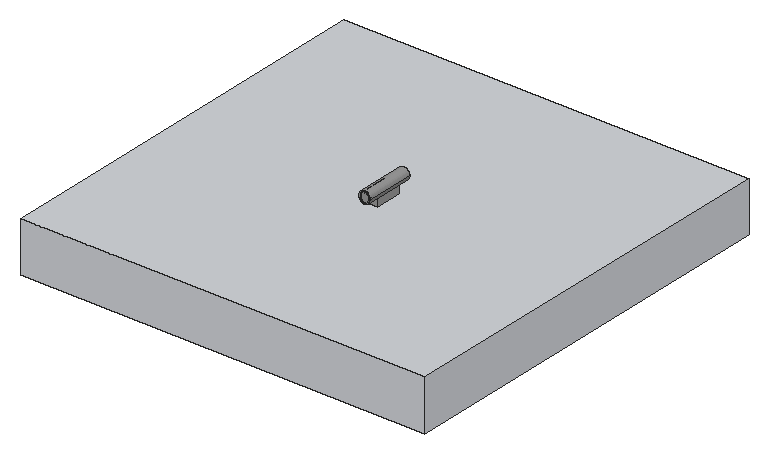
Revit family "LAMP_LUP WALL 70 DIRECT", category Luminarias, Revit 2018 (continued)
Types (2, lengths in mm): name | built-in parameter 1150107 | Product datasheet | Product code | built-in parameter 1150142 | built-in parameter 1150105 | built-in parameter 1150106 | Lumens | built-in parameter 1150104 | Efficacy | Archivo de red fotométrica
    99 1.76 1.46 1.07 0.64 0.34 0.17 0.00 0.00 0.00 \r\n0.00 0.00 0.00 0.00 0.00 0.00 0.00 0.00 0.00 0.00 0.00 \r\n0.00 0.00 0.00 0.00 0.00 0.00 0.00 0.00 0.00 0.00 0.00 \r\n0.00 0.00 0.00 0.00 0.00 0.00 0.00 0.00 0.00 0.00 0.00 \r\n0.00 0.00 0.00 0.00 0.00 0.00 0.00 0.00 0.00 0.00 \r\n482.70 424.25 372.99 324.11 276.17 232.69 194.34 160.91 \r\n131.53 107.13 87.61 71.31 58.91 52.56 47.75 43.74 40.63 \r\n37.80 35.18 32.13 28.84 25.31 21.30 17.78 14.81 12.46 \r\n10.57 9.14 8.18 7.21 6.20 5.30 4.55 3.95 3.40 2.91 2.50 \r\n2.21 1.97 1.75 1.44 1.06 0.64 0.34 0.18 0.00 0.00 0.00 \r\n0.00 0.00 0.00 0.00 0.00 0.00 0.00 0.00 0.00 0.00 0.00 \r\n0.00 0.00 0.00 0.00 0.00 0.00 0.00 0.00 0.00 0.00 0.00 \r\n0.00 0.00 0.00 0.00 0.00 0.00 0.00 0.00 0.00 0.00 0.00 \r\n0.00 0.00 0.00 0.00 0.00 0.00 0.00 0.00 0.00 0.00 \r\n482.70 427.34 378.43 331.38 285.26 243.27 205.98 173.36 \r\n144.13 118.69 97.23 79.13 64.50 56.57 50.59 45.77 42.27 \r\n39.35 36.42 32.93 29.55 25.81 21.68 18.02 14.97 12.60 \r\n10.71 9.30 8.33 7.34 6.29 5.37 4.61 4.00 3.44 2.94 2.50 \r\n2.19 1.95 1.73 1.43 1.05 0.64 0.34 0.18 0.00 0.00 0.00 \r\n0.00 0.00 0.00 0.00 0.00 0.00 0.00 0.00 0.00 0.00 0.00 \r\n0.00 0.00 0.00 0.00 0.00 0.00 0.00 0.00 0.00 0.00 0.00 \r\n0.00 0.00 0.00 0.00 0.00 0.00 0.00 0.00 0.00 0.00 0.00 \r\n0.00 0.00 0.00 0.00 0.00 0.00 0.00 0.00 0.00 0.00 \r\n482.70 430.46 383.98 338.93 295.14 255.10 219.07 187.17 \r\n158.48 132.86 110.86 92.12 76.92 68.30 61.05 54.97 49.37 \r\n44.22 39.58 35.07 30.79 26.75 22.33 18.49 15.28 12.83 \r\n10.88 9.43 8.45 7.46 6.41 5.46 4.68 4.06 3.49 2.98 2.52 \r\n2.20 1.94 1.71 1.41 1.05 0.64 0.34 0.18 0.00 0.00 0.00 \r\n0.00 0.00 0.00 0.00 0.00 0.00 0.00 0.00 0.00 0.00 0.00 \r\n0.00 0.00 0.00 0.00 0.00 0.00 0.00 0.00 0.00 0.00 0.00 \r\n0.00 0.00 0.00 0.00 0.00 0.00 0.00 0.00 0.00 0.00 0.00 \r\n0.00 0.00 0.00 0.00 0.00 0.00 0.00 0.00 0.00 0.00 \r\n482.70 433.62 389.61 347.00 305.27 267.10 232.69 201.68 \r\n174.03 149.68 128.39 109.68 94.04 82.94 73.66 65.53 57.37 \r\n49.95 43.24 37.28 32.14 27.72 23.05 18.98 15.60 13.06 \r\n11.06 9.54 8.56 7.57 6.53 5.56 4.76 4.11 3.54 3.01 2.56 \r\n2.22 1.94 1.69 1.39 1.03 0.63 0.34 0.17 0.00 0.00 0.00 \r\n0.00 0.00 0.00 0.00 0.00 0.00 0.00 0.00 0.00 0.00 0.00 \r\n0.00 0.00 0.00 0.00 0.00 0.00 0.00 0.00 0.00 0.00 0.00 \r\n0.00 0.00 0.00 0.00 0.00 0.00 0.00 0.00 0.00 0.00 0.00 \r\n0.00 0.00 0.00 0.00 0.00 0.00 0.00 0.00 0.00 0.00 \r\n482.70 436.84 395.58 355.16 315.61 279.27 246.68 217.01 \r\n190.31 166.84 145.85 127.21 110.72 97.79 86.42 76.28 \r\n65.56 55.65 46.86 39.52 33.49 28.69 23.76 19.49 15.91 \r\n13.30 11.24 9.70 8.68 7.68 6.65 5.66 4.83 4.16 3.58 3.05 \r\n2.58 2.23 1.93 1.67 1.38 1.02 0.63 0.34 0.17 0.00 0.00 \r\n0.00 0.00 0.00 0.00 0.00 0.00 0.00 0.00 0.00 0.00 0.00 \r\n0.00 0.00 0.00 0.00 0.00 0.00 0.00 0.00 0.00 0.00 0.00 \r\n0.00 0.00 0.00 0.00 0.00 0.00 0.00 0.00 0.00 0.00 0.00 \r\n0.00 0.00 0.00 0.00 0.00 0.00 0.00 0.00 0.00 0.00 0.00 \r\n482.70 440.11 401.72 363.41 326.11 291.57 260.75 232.26 \r\n206.59 184.01 163.37 144.46 127.28 112.56 99.13 86.85 \r\n73.57 61.38 50.47 41.73 34.84 29.66 24.47 19.98 16.21 \r\n13.54 11.41 9.84 8.80 7.79 6.77 5.76 4.91 4.23 3.63 3.09 \r\n2.60 2.24 1.93 1.65 1.36 1.01 0.62 0.34 0.18 0.00 0.00 \r\n0.00 0.00 0.00 0.00 0.00 0.00 0.00 0.00 0.00 0.00 0.00 \r\n0.00 0.00 0.00 0.00 0.00 0.00 0.00 0.00 0.00 0.00 0.00 \r\n0.00 0.00 0.00 0.00 0.00 0.00 0.00 0.00 0.00 0.00 0.00 \r\n0.00 0.00 0.00 0.00 0.00 0.00 0.00 0.00 0.00 0.00 0.00 \r\n482.70 443.42 407.92 371.74 336.63 303.91 274.81 247.41 \r\n222.95 201.06 180.88 161.93 144.05 127.14 111.73 97.44 \r\n81.69 67.09 54.16 43.96 36.19 30.62 25.18 20.47 16.58 \r\n13.78 11.60 9.96 8.92 7.90 6.88 5.86 4.99 4.28 3.67 3.13 \r\n2.64 2.26 1.93 1.63 1.34 0.99 0.61 0.34 0.18 0.00 0.00 \r\n0.00 0.00 0.00 0.00 0.00 0.00 0.00 0.00 0.00 0.00 0.00 \r\n0.00 0.00 0.00 0.00 0.00 0.00 0.00 0.00 0.00 0.00 0.00 \r\n0.00 0.00 0.00 0.00 0.00 0.00 0.00 0.00 0.00 0.00 0.00 \r\n0.00 0.00 0.00 0.00 0.00 0.00 0.00 0.00 0.00 0.00 0.00 \r\n482.70 446.78 414.19 380.15 347.24 316.32 288.94 262.61 \r\n239.17 218.23 198.42 179.33 160.85 141.85 124.40 108.23 \r\n89.77 72.82 57.62 46.20 37.55 31.60 25.90 20.97 16.86 \r\n14.02 11.77 10.11 9.04 8.01 7.00 5.96 5.07 4.33 3.72 3.17 \r\n2.67 2.27 1.92 1.61 1.32 0.99 0.61 0.34 0.18 0.00 0.00 \r\n0.00 0.00 0.00 0.00 0.00 0.00 0.00 0.00 0.00 0.00 0.00 \r\n0.00 0.00 0.00 0.00 0.00 0.00 0.00 0.00 0.00 0.00 0.00 \r\n0.00 0.00 0.00 0.00 0.00 0.00 0.00 0.00 0.00 0.00 0.00 \r\n0.00 0.00 0.00 0.00 0.00 0.00 0.00 0.00 0.00 0.00 0.00 \r\n482.70 450.22 420.51 388.79 358.01 328.96 303.20 277.98 \r\n255.73 235.36 216.40 196.78 178.29 156.70 137.83 118.97 \r\n97.84 79.12 61.56 48.42 38.90 32.59 26.59 21.47 17.22 \r\n14.26 11.95 10.25 9.16 8.13 7.11 6.06 5.14 4.39 3.77 3.21 \r\n2.71 2.29 1.91 1.59 1.30 0.97 0.61 0.34 0.18 0.00 0.00 \r\n0.00 0.00 0.00 0.00 0.00 0.00 0.00 0.00 0.00 0.00 0.00 \r\n0.00 0.00 0.00 0.00 0.00 0.00 0.00 0.00 0.00 0.00 0.00 \r\n0.00 0.00 0.00 0.00 0.00 0.00 0.00 0.00 0.00 0.00 0.00 \r\n0.00 0.00 0.00 0.00 0.00 0.00 0.00 0.00 0.00 0.00 0.00 \r\n482.70 453.81 426.89 397.88 368.93 342.18 317.58 294.18 \r\n272.50 253.92 234.91 216.80 197.37 176.72 155.79 136.93 \r\n114.36 92.62 73.05 56.55 44.23 35.41 28.19 22.32 17.79 \r\n14.75 12.33 10.47 9.36 8.29 7.25 6.18 5.24 4.47 3.83 3.26 \r\n2.74 2.31 1.92 1.59 1.29 0.96 0.60 0.33 0.18 0.00 0.00 \r\n0.00 0.00 0.00 0.00 0.00 0.00 0.00 0.00 0.00 0.00 0.00 \r\n0.00 0.00 0.00 0.00 0.00 0.00 0.00 0.00 0.00 0.00 0.00 \r\n0.00 0.00 0.00 0.00 0.00 0.00 0.00 0.00 0.00 0.00 0.00 \r\n0.00 0.00 0.00 0.00 0.00 0.00 0.00 0.00 0.00 0.00 0.00 \r\n482.70 457.43 433.31 407.08 380.07 355.48 332.54 310.54 \r\n290.50 272.73 255.27 237.76 219.93 199.97 180.62 161.76 \r\n138.37 114.93 91.75 70.79 53.48 40.19 30.64 23.56 18.80 \r\n15.51 12.91 10.91 9.64 8.50 7.43 6.33 5.38 4.58 3.92 3.32 \r\n2.77 2.34 1.94 1.58 1.28 0.95 0.60 0.33 0.18 0.00 0.00 \r\n0.00 0.00 0.00 0.00 0.00 0.00 0.00 0.00 0.00 0.00 0.00 \r\n0.00 0.00 0.00 0.00 0.00 0.00 0.00 0.00 0.00 0.00 0.00 \r\n0.00 0.00 0.00 0.00 0.00 0.00 0.00 0.00 0.00 0.00 0.00 \r\n0.00 0.00 0.00 0.00 0.00 0.00 0.00 0.00 0.00 0.00 0.00 \r\n482.70 461.08 439.79 416.38 391.66 368.89 347.70 327.10 \r\n308.56 291.93 275.63 259.30 242.56 223.93 205.46 187.26 \r\n162.72 137.25 110.98 84.95 62.75 44.71 33.08 24.79 19.68 \r\n16.27 13.49 11.30 9.92 8.71 7.58 6.47 5.50 4.69 4.01 3.38 \r\n2.81 2.37 1.96 1.58 1.27 0.94 0.59 0.33 0.17 0.00 0.00 \r\n0.00 0.00 0.00 0.00 0.00 0.00 0.00 0.00 0.00 0.00 0.00 \r\n0.00 0.00 0.00 0.00 0.00 0.00 0.00 0.00 0.00 0.00 0.00 \r\n0.00 0.00 0.00 0.00 0.00 0.00 0.00 0.00 0.00 0.00 0.00 \r\n0.00 0.00 0.00 0.00 0.00 0.00 0.00 0.00 0.00 0.00 0.00 \r\n482.70 464.74 446.31 425.79 403.34 382.39 362.92 343.80 \r\n326.54 311.15 296.03 280.81 265.25 247.90 230.29 212.45 \r\n187.07 159.54 130.07 99.10 72.01 49.19 35.55 26.03 20.54 \r\n17.03 14.07 11.66 10.21 8.92 7.75 6.62 5.64 4.79 4.09 \r\n3.43 2.85 2.40 1.97 1.59 1.26 0.92 0.58 0.32 0.17 0.00 \r\n0.00 0.00 0.00 0.00 0.00 0.00 0.00 0.00 0.00 0.00 0.00 \r\n0.00 0.00 0.00 0.00 0.00 0.00 0.00 0.00 0.00 0.00 0.00 \r\n0.00 0.00 0.00 0.00 0.00 0.00 0.00 0.00 0.00 0.00 0.00 \r\n0.00 0.00 0.00 0.00 0.00 0.00 0.00 0.00 0.00 0.00 0.00 \r\n0.00 \r\n482.70 468.43 453.00 435.27 415.13 395.97 377.98 360.46 \r\n344.62 330.37 316.37 302.33 287.97 271.87 255.10 237.34 \r\n211.40 181.83 149.15 113.29 81.30 54.29 38.00 27.28 21.55 \r\n17.79 14.64 12.00 10.49 9.13 7.91 6.77 5.77 4.91 4.17 \r\n3.50 2.89 2.43 1.99 1.59 1.25 0.91 0.57 0.32 0.17 0.00 \r\n0.00 0.00 0.00 0.00 0.00 0.00 0.00 0.00 0.00 0.00 0.00 \r\n0.00 0.00 0.00 0.00 0.00 0.00 0.00 0.00 0.00 0.00 0.00 \r\n0.00 0.00 0.00 0.00 0.00 0.00 0.00 0.00 0.00 0.00 0.00 \r\n0.00 0.00 0.00 0.00 0.00 0.00 0.00 0.00 0.00 0.00 0.00 \r\n0.00 \r\n482.70 472.14 459.73 444.78 427.01 409.65 393.16 377.10 \r\n362.57 349.56 336.76 323.90 310.71 295.81 279.91 262.32 \r\n235.72 204.17 168.30 127.48 90.59 59.23 40.45 28.51 22.52 \r\n18.55 15.22 12.41 10.78 9.35 8.08 6.91 5.90 5.03 4.25 \r\n3.55 2.94 2.46 2.01 1.59 1.25 0.90 0.57 0.31 0.17 0.00 \r\n0.00 0.00 0.00 0.00 0.00 0.00 0.00 0.00 0.00 0.00 0.00 \r\n0.00 0.00 0.00 0.00 0.00 0.00 0.00 0.00 0.00 0.00 0.00 \r\n0.00 0.00 0.00 0.00 0.00 0.00 0.00 0.00 0.00 0.00 0.00 \r\n0.00 0.00 0.00 0.00 0.00 0.00 0.00 0.00 0.00 0.00 0.00 \r\n0.00 \r\n482.70 475.86 466.49 454.32 438.89 423.37 408.34 393.79 \r\n380.67 368.84 357.15 345.41 333.40 319.75 304.73 287.38 \r\n260.04 226.48 187.45 141.66 99.89 64.06 42.90 29.74 23.46 \r\n19.30 15.80 12.82 11.06 9.55 8.25 7.06 6.03 5.14 4.33 \r\n3.61 2.98 2.49 2.03 1.59 1.24 0.89 0.56 0.31 0.17 0.00 \r\n0.00 0.00 0.00 0.00 0.00 0.00 0.00 0.00 0.00 0.00 0.00 \r\n0.00 0.00 0.00 0.00 0.00 0.00 0.00 0.00 0.00 0.00 0.00 \r\n0.00 0.00 0.00 0.00 0.00 0.00 0.00 0.00 0.00 0.00 0.00 \r\n0.00 0.00 0.00 0.00 0.00 0.00 0.00 0.00 0.00 0.00 0.00 \r\n0.00 \r\n482.70 479.59 473.27 463.92 450.86 437.16 423.39 410.08 \r\n397.93 386.84 375.98 365.03 353.80 341.11 326.81 309.80 \r\n282.52 247.82 206.34 156.25 109.92 69.60 45.80 31.21 \r\n24.49 20.17 16.50 13.31 11.41 9.81 8.44 7.22 6.16 5.26 \r\n4.43 3.68 3.03 2.53 2.05 1.59 1.23 0.88 0.55 0.31 0.16 \r\n0.00 0.00 0.00 0.00 0.00 0.00 0.00 0.00 0.00 0.00 0.00 \r\n0.00 0.00 0.00 0.00 0.00 0.00 0.00 0.00 0.00 0.00 0.00 \r\n0.00 0.00 0.00 0.00 0.00 0.00 0.00 0.00 0.00 0.00 0.00 \r\n0.00 0.00 0.00 0.00 0.00 0.00 0.00 0.00 0.00 0.00 0.00 \r\n0.00 0.00 \r\n482.70 483.33 480.10 473.58 462.93 451.07 438.61 426.57 \r\n415.39 404.56 393.86 382.84 371.32 358.27 343.57 326.31 \r\n299.51 264.87 222.88 170.91 121.97 78.34 50.73 33.64 \r\n25.91 21.39 17.53 14.14 12.04 10.26 8.74 7.44 6.33 5.40 \r\n4.54 3.77 3.10 2.57 2.08 1.61 1.23 0.88 0.55 0.31 0.16 \r\n0.00 0.00 0.00 0.00 0.00 0.00 0.00 0.00 0.00 0.00 0.00 \r\n0.00 0.00 0.00 0.00 0.00 0.00 0.00 0.00 0.00 0.00 0.00 \r\n0.00 0.00 0.00 0.00 0.00 0.00 0.00 0.00 0.00 0.00 0.00 \r\n0.00 0.00 0.00 0.00 0.00 0.00 0.00 0.00 0.00 0.00 0.00 \r\n0.00 0.00 \r\n482.70 487.07 486.94 483.29 475.10 464.96 453.59 441.96 \r\n430.83 420.15 409.33 398.00 385.92 372.04 356.85 339.73 \r\n313.65 279.73 238.07 185.04 134.11 87.66 56.06 36.24 \r\n27.39 22.62 18.59 14.99 12.72 10.74 9.06 7.66 6.49 5.53 \r\n4.66 3.87 3.17 2.62 2.11 1.63 1.24 0.88 0.55 0.31 0.16 \r\n0.00 0.00 0.00 0.00 0.00 0.00 0.00 0.00 0.00 0.00 0.00 \r\n0.00 0.00 0.00 0.00 0.00 0.00 0.00 0.00 0.00 0.00 0.00 \r\n0.00 0.00 0.00 0.00 0.00 0.00 0.00 0.00 0.00 0.00 0.00 \r\n0.00 0.00 0.00 0.00 0.00 0.00 0.00 0.00 0.00 0.00 0.00 \r\n0.00 0.00 \r\n482.70 490.82 493.79 492.98 487.06 478.68 468.57 457.40 \r\n446.59 435.83 424.77 413.03 400.40 385.85 370.16 353.22 \r\n327.81 294.55 253.06 199.16 146.32 96.83 61.35 38.83 \r\n28.78 23.85 19.64 15.84 13.38 11.22 9.37 7.87 6.66 5.67 \r\n4.77 3.96 3.24 2.67 2.14 1.65 1.24 0.88 0.55 0.31 0.17 \r\n0.00 0.00 0.00 0.00 0.00 0.00 0.00 0.00 0.00 0.00 0.00 \r\n0.00 0.00 0.00 0.00 0.00 0.00 0.00 0.00 0.00 0.00 0.00 \r\n0.00 0.00 0.00 0.00 0.00 0.00 0.00 0.00 0.00 0.00 0.00 \r\n0.00 0.00 0.00 0.00 0.00 0.00 0.00 0.00 0.00 0.00 0.00 \r\n0.00 0.00 \r\n482.70 494.56 500.67 502.56 499.10 492.57 483.80 472.74 \r\n461.99 451.47 440.39 428.15 414.87 399.59 383.51 366.82 \r\n341.96 309.38 268.21 213.31 158.35 105.60 66.65 41.40 \r\n29.98 25.08 20.69 16.77 14.05 11.70 9.67 8.09 6.82 5.80 \r\n4.88 4.05 3.30 2.72 2.17 1.66 1.25 0.87 0.55 0.31 0.17 \r\n0.00 0.00 0.00 0.00 0.00 0.00 0.00 0.00 0.00 0.00 0.00 \r\n0.00 0.00 0.00 0.00 0.00 0.00 0.00 0.00 0.00 0.00 0.00 \r\n0.00 0.00 0.00 0.00 0.00 0.00 0.00 0.00 0.00 0.00 0.00 \r\n0.00 0.00 0.00 0.00 0.00 0.00 0.00 0.00 0.00 0.00 0.00 \r\n0.00 0.00 \r\n482.70 498.29 507.46 512.18 511.23 506.61 498.56 488.09 \r\n477.79 467.09 455.74 443.40 429.41 413.28 396.86 380.11 \r\n356.08 324.27 283.80 227.29 170.67 115.37 71.86 43.98 \r\n31.69 26.31 21.74 17.68 14.72 12.18 9.98 8.31 6.97 5.94 \r\n5.00 4.14 3.36 2.76 2.20 1.68 1.26 0.87 0.54 0.32 0.18 \r\n0.00 0.00 0.00 0.00 0.00 0.00 0.00 0.00 0.00 0.00 0.00 \r\n0.00 0.00 0.00 0.00 0.00 0.00 0.00 0.00 0.00 0.00 0.00 \r\n0.00 0.00 0.00 0.00 0.00 0.00 0.00 0.00 0.00 0.00 0.00 \r\n0.00 0.00 0.00 0.00 0.00 0.00 0.00 0.00 0.00 0.00 0.00 \r\n0.00 0.00 \r\n482.70 502.02 514.25 521.84 523.45 520.39 513.52 503.75 \r\n493.16 482.85 471.22 458.35 444.08 426.98 410.21 393.08 \r\n370.18 339.13 300.12 241.60 182.96 125.34 77.21 46.60 \r\n33.37 27.54 22.78 18.56 15.40 12.66 10.25 8.53 7.13 6.07 \r\n5.11 4.24 3.44 2.81 2.23 1.70 1.26 0.87 0.54 0.32 0.18 \r\n0.00 0.00 0.00 0.00 0.00 0.00 0.00 0.00 0.00 0.00 0.00 \r\n0.00 0.00 0.00 0.00 0.00 0.00 0.00 0.00 0.00 0.00 0.00 \r\n0.00 0.00 0.00 0.00 0.00 0.00 0.00 0.00 0.00 0.00 0.00 \r\n0.00 0.00 0.00 0.00 0.00 0.00 0.00 0.00 0.00 0.00 0.00 \r\n0.00 0.00 \r\n482.70 505.73 521.04 531.54 535.61 534.42 528.88 519.65 \r\n508.97 498.70 486.77 473.17 458.76 440.36 423.48 406.11 \r\n384.21 353.93 314.26 255.88 195.05 134.30 82.58 49.19 \r\n34.41 28.78 23.84 19.36 16.07 13.14 10.60 8.75 7.30 6.21 \r\n5.22 4.32 3.51 2.86 2.26 1.71 1.27 0.87 0.54 0.32 0.19 \r\n0.00 0.00 0.00 0.00 0.00 0.00 0.00 0.00 0.00 0.00 0.00 \r\n0.00 0.00 0.00 0.00 0.00 0.00 0.00 0.00 0.00 0.00 0.00 \r\n0.00 0.00 0.00 0.00 0.00 0.00 0.00 0.00 0.00 0.00 0.00 \r\n0.00 0.00 0.00 0.00 0.00 0.00 0.00 0.00 0.00 0.00 0.00 \r\n0.00 0.00 \r\n482.70 509.42 527.83 541.28 547.81 548.69 545.01 536.11 \r\n526.08 515.12 501.95 487.87 471.39 452.41 433.90 416.77 \r\n395.35 365.64 327.02 268.91 207.61 145.19 89.52 53.28 \r\n36.57 30.00 24.81 20.30 16.83 13.77 11.10 9.07 7.52 6.37 \r\n5.34 4.41 3.59 2.90 2.29 1.73 1.28 0.88 0.53 0.32 0.19 \r\n0.00 0.00 0.00 0.00 0.00 0.00 0.00 0.00 0.00 0.00 0.00 \r\n0.00 0.00 0.00 0.00 0.00 0.00 0.00 0.00 0.00 0.00 0.00 \r\n0.00 0.00 0.00 0.00 0.00 0.00 0.00 0.00 0.00 0.00 0.00 \r\n0.00 0.00 0.00 0.00 0.00 0.00 0.00 0.00 0.00 0.00 0.00 \r\n0.00 0.00 \r\n482.70 513.05 534.62 550.98 560.10 563.31 561.55 553.81 \r\n544.03 531.80 517.69 501.45 483.27 462.43 442.63 424.57 \r\n403.16 374.92 339.24 281.45 220.43 157.20 98.48 58.72 \r\n38.33 31.22 25.67 21.20 17.72 14.55 11.69 9.50 7.79 6.52 \r\n5.46 4.50 3.65 2.95 2.32 1.75 1.28 0.88 0.53 0.32 0.19 \r\n0.00 0.00 0.00 0.00 0.00 0.00 0.00 0.00 0.00 0.00 0.00 \r\n0.00 0.00 0.00 0.00 0.00 0.00 0.00 0.00 0.00 0.00 0.00 \r\n0.00 0.00 0.00 0.00 0.00 0.00 0.00 0.00 0.00 0.00 0.00 \r\n0.00 0.00 0.00 0.00 0.00 0.00 0.00 0.00 0.00 0.00 0.00 \r\n0.00 0.00 \r\n482.70 516.64 541.40 560.71 572.44 578.11 578.38 572.03 \r\n561.73 549.23 533.10 515.03 495.06 472.15 451.05 432.07 \r\n410.99 383.88 348.95 293.83 233.11 169.10 107.29 64.17 \r\n40.90 32.45 26.56 22.06 18.58 15.34 12.33 9.93 8.07 6.71 \r\n5.59 4.59 3.71 3.00 2.36 1.76 1.29 0.88 0.54 0.32 0.19 \r\n0.00 0.00 0.00 0.00 0.00 0.00 0.00 0.00 0.00 0.00 0.00 \r\n0.00 0.00 0.00 0.00 0.00 0.00 0.00 0.00 0.00 0.00 0.00 \r\n0.00 0.00 0.00 0.00 0.00 0.00 0.00 0.00 0.00 0.00 0.00 \r\n0.00 0.00 0.00 0.00 0.00 0.00 0.00 0.00 0.00 0.00 0.00 \r\n0.00 0.00 \r\n482.70 520.19 548.17 570.51 584.75 593.06 595.41 590.19 \r\n580.33 565.97 548.50 528.81 506.76 481.72 459.38 439.67 \r\n418.90 392.87 360.39 306.26 246.06 181.09 116.13 69.71 \r\n42.24 33.68 27.43 22.98 19.45 16.12 12.97 10.36 8.34 6.88 \r\n5.71 4.68 3.76 3.05 2.39 1.77 1.30 0.89 0.54 0.32 0.19 \r\n0.00 0.00 0.00 0.00 0.00 0.00 0.00 0.00 0.00 0.00 0.00 \r\n0.00 0.00 0.00 0.00 0.00 0.00 0.00 0.00 0.00 0.00 0.00 \r\n0.00 0.00 0.00 0.00 0.00 0.00 0.00 0.00 0.00 0.00 0.00 \r\n0.00 0.00 0.00 0.00 0.00 0.00 0.00 0.00 0.00 0.00 0.00 \r\n0.00 0.00 \r\n482.70 523.73 554.92 580.35 597.15 608.06 612.91 608.29 \r\n598.41 583.34 564.00 542.07 518.24 491.55 467.82 447.29 \r\n426.67 401.87 370.86 318.59 258.74 193.09 125.07 75.08 \r\n44.70 34.90 28.31 23.86 20.32 16.91 13.58 10.79 8.61 7.03 \r\n5.84 4.77 3.84 3.10 2.42 1.80 1.31 0.89 0.55 0.32 0.19 \r\n0.00 0.00 0.00 0.00 0.00 0.00 0.00 0.00 0.00 0.00 0.00 \r\n0.00 0.00 0.00 0.00 0.00 0.00 0.00 0.00 0.00 0.00 0.00 \r\n0.00 0.00 0.00 0.00 0.00 0.00 0.00 0.00 0.00 0.00 0.00 \r\n0.00 0.00 0.00 0.00 0.00 0.00 0.00 0.00 0.00 0.00 0.00 \r\n0.00 0.00 \r\n482.70 527.23 561.63 590.27 609.70 623.11 630.24 626.87 \r\n616.71 600.25 579.20 555.84 529.96 501.49 476.31 454.96 \r\n434.61 410.84 382.10 331.05 271.61 205.03 133.73 80.48 \r\n47.06 36.14 29.19 24.72 21.20 17.69 14.23 11.23 8.89 7.22 \r\n5.97 4.87 3.91 3.14 2.45 1.83 1.32 0.89 0.56 0.32 0.19 \r\n0.00 0.00 0.00 0.00 0.00 0.00 0.00 0.00 0.00 0.00 0.00 \r\n0.00 0.00 0.00 0.00 0.00 0.00 0.00 0.00 0.00 0.00 0.00 \r\n0.00 0.00 0.00 0.00 0.00 0.00 0.00 0.00 0.00 0.00 0.00 \r\n0.00 0.00 0.00 0.00 0.00 0.00 0.00 0.00 0.00 0.00 0.00 \r\n0.00 0.00 \r\n482.70 530.69 568.25 600.22 622.39 638.44 647.24 645.62 \r\n635.35 618
